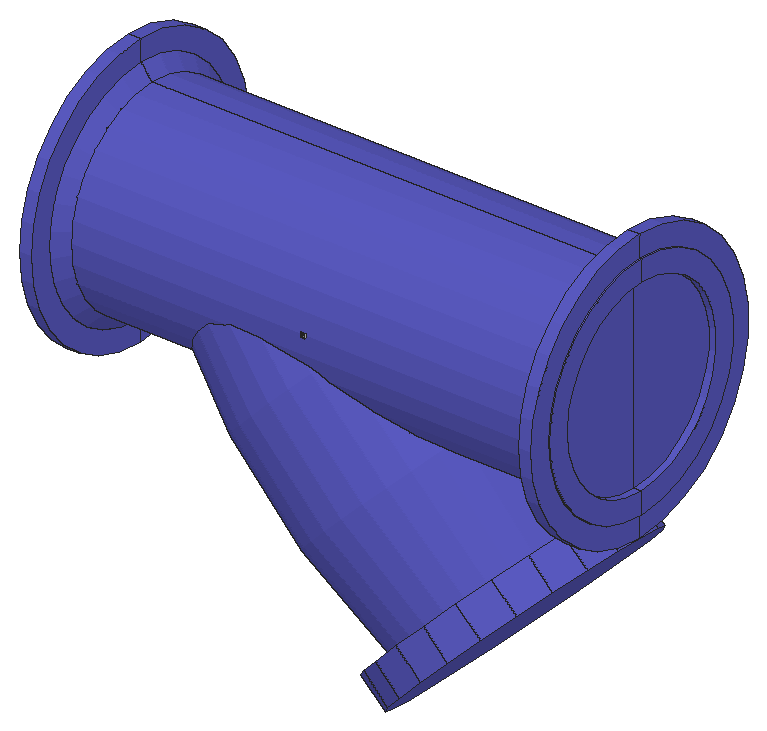
Revit family "Schmutzfänger 4111", category Rohrzubehör, Revit 2018
Family settings
  Bemaßung runder Anschluss = Durchmesser verwenden
  Teiletyp = Unterbricht
  OmniClass-Nummer = 23.65.55.14
  OmniClass-Titel = Valves for Liquid Services
  Arbeitsebenenbasiert = Nein
  Immer vertikal = Ja
  Beim Laden mit Abzugskörper schneiden = Nein
  Gemeinsam genutzt = Nein
Parameters
  PN = 1600000.0 Pa  # constant formula
  Min.Betriebstemperatur = -10 °C  # constant formula
  Max.Betriebstemperatur = 120 °C  # constant formula
  kvs [instance] = if(Nennweite = 50.000 mm, 51, if(Nennweite = 65.000 mm, 70, if(Nennweite = 80.000 mm, 114, if(Nennweite = 100.000 mm, 197, if(Nennweite = 125.000 mm, 271, if(Nennweite = 150.000 mm, 349, if(Nennweite = 200.000 mm, 449, if(Nennweite = 250.000 mm, 994, if(Nennweite = 300.000 mm, 1566, if(Nennweite = 350.000 mm, 2461, 3645))))))))))  # 3645
  Zwischenrahmen = "Edelstahl"  # constant formula
  W02 = 45.00°  # constant formula
  W01 = 140.00°  # constant formula
  Verschlussdichtung = "Kupfer"  # constant formula
  Verschluss = "St37"  # constant formula
  URL = "www.herz-armaturen.at"
  Schrauben [instance] = if(Nennweite = 50.000 mm, "4x M16x60", if(Nennweite = 65.000 mm, "4x M16x60", if(Nennweite = 80.000 mm, "8x M16x65", if(Nennweite = 100.000 mm, "8x M16x65", if(Nennweite = 125.000 mm, "8x M16x70", if(Nennweite = 150.000 mm, "8x M20x70", if(Nennweite = 200.000 mm, "12x M20x75", if(Nennweite = 250.000 mm, "12x M24x85", if(Nennweite = 300.000 mm, "12x M24x85", if(Nennweite = 350.000 mm, "16x M24x90", "16x M27x100"))))))))))  # "16x M27x100"
  SCRNSEQ = "AWI;AWI_TYP=\"1011\";2"
  SCRNCODE = "05;15;02"  # constant formula
  S01 [instance] = 2 * FLD01  # 580.000 mm
  R02 [instance] = size_lookup("4111_F_", "R2", 1.000 mm, Nennweite)  # 221.000 mm
  R01 [instance] = size_lookup("4111_F_", "R1", 1.000 mm, Nennweite)  # 250.000 mm
  Nennweite [instance] = 400.000 mm
  Medium = "Heizwasserqualität nach ÖNORM H5195 oder VDI-Standard 2035.\r\nDie Verwendung von Ethylen oder Propylenglykol im Mischungsverhältnis von 25-50% ist zulässig."
  L02 [instance] = size_lookup("4111_F_", "L2", 1.000 mm, Nennweite)  # 301.000 mm
  Hersteller = "HERZ Armaturen Ges.m.b.H."  # constant formula
  L01 [instance] = size_lookup("4111_F_", "L1", 1.000 mm, Nennweite)  # 550.000 mm
  H01 [instance] = size_lookup("4111_F_", "H1", 1.000 mm, Nennweite)  # 479.500 mm
  Gewicht [instance] = size_lookup("4111_F_", "Gew", 0, Nennweite)  # 505
  Gehäuse = "GG25"  # constant formula
  Filter (DN50-DN80) = "AISI 304, Maschenweite 600 μm"  # constant formula
  Filter (DN100-DN400) = "AISI 304, Maschenweite 1500 μm"  # constant formula
  FLL02 [instance] = size_lookup("4111_F_", "FLL2", 1.000 mm, Nennweite)  # 30.000 mm
  FLL01 [instance] = size_lookup("4111_F_", "FLL1", 1.000 mm, Nennweite)  # 4.000 mm
  FLD02 [instance] = size_lookup("4111_F_", "FLD2", 1.000 mm, Nennweite)  # 245.000 mm
  FLD01 [instance] = size_lookup("4111_F_", "FLD1", 1.000 mm, Nennweite)  # 290.000 mm
  Dichtung = "Klingerit"  # constant formula
  DN80 [instance] = Nennweite = 80.000 mm  # no
  DN65 [instance] = Nennweite = 65.000 mm  # no
  DN50 [instance] = Nennweite = 50.000 mm  # no
  DN400 [instance] = Nennweite = 400.000 mm  # yes
  DN350 [instance] = Nennweite = 350.000 mm  # no
  DN300 [instance] = Nennweite = 300.000 mm  # no
  DN250 [instance] = Nennweite = 250.000 mm  # no
  DN200 [instance] = Nennweite = 200.000 mm  # no
  DN150 [instance] = Nennweite = 150.000 mm  # no
  DN125 [instance] = Nennweite = 125.000 mm  # no
  DN100 [instance] = Nennweite = 100.000 mm  # no
  DN [instance] = Nennweite / 2  # 200.000 mm
  D01 [instance] = size_lookup("4111_F_", "D1", 1.000 mm, Nennweite)  # 216.000 mm
  Bestellnummer [instance] = size_lookup("4111_F_", "Artnr", 0, Nennweite)  # 4411190
  Aufsatz = "GG25"  # constant formula
  Anwendungen = "Für Flüssigkeiten in Warm- und Kaltwassersystemen"
Reference planes
  plane 1 "Mitte (Vorne/hinten)": y = 0
  plane 2: z = 0
  plane 3 "Mitte (Links/rechts)": x = 0
Forms (mm)
  Revolve 1, solid, material "Herz-Marineblau", detail levels fine
    sketch origin (0, 0, 0) x (1, 0, 0) y (0, 0, 1)
      loop
        line (-546, 245) -> (-550, 245) -> (-550, 200) -> (-533.79, 200) -> (-533.79, 0) -> (533.79, 0) -> (533.79, 200) -> (550, 200) -> (550, 245) -> (546, 245) -> (546, 290) -> (520, 290) -> (520, 234.5) -> (504.477, 216) -> (-495.666, 216) -> (-520, 245) -> (-520, 290) -> (-546, 290) -> (-546, 245)
      axis (-550, 0) -> (550, 0)
    angle from 0 to 360
  Revolve 2, solid, material "Herz-Marineblau", detail levels fine
    sketch origin (0, 0, 0) x (1, 0, 0) y (0, 0, 1)
      loop
        line (-230.5, 0) -> (-371.921, -141.421)
        arc (-371.921, -141.421) -> (-167.867, -415.168) -> (92.729, -635.771) r 1502.314
        line (92.729, -635.771) -> (249, -479.5) -> (-230.5, 0)
      axis (-230.5, 0) -> (249, -479.5)
    angle from 0 to 360
  Extrusion 3, solid, material "Herz-Marineblau", visible <- "DN50", detail levels fine
    sketch origin (12, 0, -74) x (0, 1, 0) y (0.707107, 0, 0.707107)
      loop
        arc (50, 40) -> (47.071, 47.071) -> (40, 50) r 10
        line (40, 50) -> (-40, 50)
        arc (-40, 50) -> (-47.071, 47.071) -> (-50, 40) r 10
        line (-50, 40) -> (-50, -40)
        arc (-50, -40) -> (-47.071, -47.071) -> (-40, -50) r 10
        line (-40, -50) -> (40, -50)
        arc (40, -50) -> (47.071, -47.071) -> (50, -40) r 10
        line (50, -40) -> (50, 40)
    from 30.5 to 0
  Extrusion 4, solid, material "Herz-Marineblau", visible <- "DN65", detail levels fine
    sketch origin (17, 0, -102.5) x (0, 1, 0) y (0.707107, 0, 0.707107)
      loop
        line (-60, 40) -> (-60, -40)
        arc (-60, -40) -> (-54.142, -54.142) -> (-40, -60) r 20
        line (-40, -60) -> (40, -60)
        arc (40, -60) -> (54.142, -54.142) -> (60, -40) r 20
        line (60, -40) -> (60, 40)
        arc (60, 40) -> (54.142, 54.142) -> (40, 60) r 20
        line (40, 60) -> (-40, 60)
        arc (-40, 60) -> (-54.142, 54.142) -> (-60, 40) r 20
    from 33 to 0
  Extrusion 5, solid, material "Herz-Marineblau", visible <- "DN80", detail levels fine
    sketch origin (44, 0, -118) x (0, 1, 0) y (0.707107, 0, 0.707107)
      loop
        line (-67, 47) -> (-67, -47)
        arc (-67, -47) -> (-61.142, -61.142) -> (-47, -67) r 20
        line (-47, -67) -> (47, -67)
        arc (47, -67) -> (61.142, -61.142) -> (67, -47) r 20
        line (67, -47) -> (67, 47)
        arc (67, 47) -> (61.142, 61.142) -> (47, 67) r 20
        line (47, 67) -> (-47, 67)
        arc (-47, 67) -> (-61.142, 61.142) -> (-67, 47) r 20
    from 34 to 0
  Extrusion 6, solid, material "Herz-Marineblau", visible <- "DN100", detail levels fine
    sketch origin (43, -449.258, -142) x (0, 1, 0) y (0.707107, 0, 0.707107)
      loop
        line (544.008, 0) -> (531.314, 47.375) -> (496.633, 82.056) -> (449.258, 94.75) -> (401.883, 82.056) -> (367.203, 47.375) -> (354.508, 0) -> (367.203, -47.375) -> (401.883, -82.056) -> (449.258, -94.75) -> (496.633, -82.056) -> (531.314, -47.375) -> (544.008, 0)
    from 35.5 to 0
  Extrusion 7, solid, material "Herz-Marineblau", visible <- "DN125", detail levels fine
    sketch origin (54, -422.813, -170) x (0, 1, 0) y (0.707107, 0, 0.707107)
      loop
        line (535.313, 0) -> (520.241, 56.25) -> (479.063, 97.428) -> (422.813, 112.5) -> (366.563, 97.428) -> (325.386, 56.25) -> (310.313, 0) -> (325.386, -56.25) -> (366.563, -97.428) -> (422.813, -112.5) -> (479.063, -97.428) -> (520.241, -56.25) -> (535.313, 0)
    from 44.5 to 0
  Extrusion 8, solid, material "Herz-Marineblau", visible <- "DN150", detail levels fine
    sketch origin (61.5, -490.074, -187.5) x (0, 1, 0) y (0.707107, 0, 0.707107)
      loop
        line (621.324, 0) -> (603.739, 65.625) -> (555.699, 113.666) -> (490.074, 131.25) -> (424.449, 113.666) -> (376.408, 65.625) -> (358.824, 0) -> (376.408, -65.625) -> (424.449, -113.666) -> (490.074, -131.25) -> (555.699, -113.666) -> (603.739, -65.625) -> (621.324, 0)
    from 44.7 to 0
  Extrusion 9, solid, material "Herz-Marineblau", visible <- "DN200", detail levels fine
    sketch origin (82, -429.19, -249) x (0, 1, 0) y (0.707107, 0, 0.707107)
      loop
        line (588.19, 0) -> (566.888, 79.5) -> (508.69, 137.698) -> (429.19, 159) -> (349.69, 137.698) -> (291.492, 79.5) -> (270.19, 0) -> (291.492, -79.5) -> (349.69, -137.698) -> (429.19, -159) -> (508.69, -137.698) -> (566.888, -79.5) -> (588.19, 0)
    from 47 to 0
  Extrusion 10, solid, material "Herz-Marineblau", visible <- "DN250", detail levels fine
    sketch origin (109.5, -496.545, -300) x (0, 1, 0) y (0.707107, 0, 0.707107)
      loop
        line (686.545, 0) -> (680.071, 49.176) -> (661.09, 95) -> (630.895, 134.35) -> (591.545, 164.545) -> (545.72, 183.526) -> (496.545, 190) -> (447.369, 183.526) -> (401.545, 164.545) -> (362.194, 134.35) -> (332, 95) -> (313.019, 49.176) -> (306.545, 0) -> (313.019, -49.176) -> (332, -95) -> (362.194, -134.35) -> (401.545, -164.545) -> (447.369, -183.526) -> (496.545, -190) -> (545.72, -183.526) -> (591.545, -164.545) -> (630.895, -134.35) -> (661.09, -95) -> (680.071, -49.176) -> (686.545, 0)
    from 56.5 to 0
  Extrusion 11, solid, material "Herz-Marineblau", visible <- "DN300", detail levels fine
    sketch origin (82, 617.078, -333) x (0, 1, 0) y (0.707107, 0, 0.707107)
      loop
        line (-390.078, 0) -> (-397.813, 58.752) -> (-420.49, 113.5) -> (-456.565, 160.513) -> (-503.578, 196.588) -> (-558.326, 219.265) -> (-617.078, 227) -> (-675.83, 219.265) -> (-730.578, 196.588) -> (-777.591, 160.513) -> (-813.666, 113.5) -> (-836.343, 58.752) -> (-844.078, 0) -> (-836.343, -58.752) -> (-813.666, -113.5) -> (-777.591, -160.513) -> (-730.578, -196.588) -> (-675.83, -219.265) -> (-617.078, -227) -> (-558.326, -219.265) -> (-503.578, -196.588) -> (-456.565, -160.513) -> (-420.49, -113.5) -> (-397.813, -58.752) -> (-390.078, 0)
    from 61 to 0
  Extrusion 12, solid, material "Herz-Marineblau", visible <- "DN350", detail levels fine
    sketch origin (211, 802.601, -476) x (0, 1, 0) y (0.707107, 0, 0.707107)
      loop
        line (-547.601, 0) -> (-556.29, 65.999) -> (-581.764, 127.5) -> (-622.288, 180.312) -> (-675.101, 220.836) -> (-736.602, 246.311) -> (-802.601, 255) -> (-868.6, 246.311) -> (-930.101, 220.836) -> (-982.913, 180.312) -> (-1023.437, 127.5) -> (-1048.912, 65.999) -> (-1057.601, 0) -> (-1048.912, -65.999) -> (-1023.437, -127.5) -> (-982.913, -180.312) -> (-930.101, -220.836) -> (-868.6, -246.311) -> (-802.601, -255) -> (-736.602, -246.311) -> (-675.101, -220.836) -> (-622.288, -180.312) -> (-581.764, -127.5) -> (-556.29, -65.999) -> (-547.601, 0)
    from 73 to 0
  Extrusion 13, solid, material "Herz-Marineblau", visible <- "DN400", detail levels fine
    sketch origin (249, 812.573, -479.5) x (0, 1, 0) y (0.707107, 0, 0.707107)
      loop
        line (-532.573, 0) -> (-542.114, 72.469) -> (-570.086, 140) -> (-614.583, 197.99) -> (-672.573, 242.487) -> (-740.104, 270.459) -> (-812.573, 280) -> (-885.042, 270.459) -> (-952.573, 242.487) -> (-1010.563, 197.99) -> (-1055.06, 140) -> (-1083.032, 72.469) -> (-1092.573, 0) -> (-1083.032, -72.469) -> (-1055.06, -140) -> (-1010.563, -197.99) -> (-952.573, -242.487) -> (-885.042, -270.459) -> (-812.573, -280) -> (-740.104, -270.459) -> (-672.573, -242.487) -> (-614.583, -197.99) -> (-570.086, -140) -> (-542.114, -72.469) -> (-532.573, 0)
    from 74 to 0
Lines and regions (mm)
  model lines, detail levels coarse+medium
    curve 1: line (-550, 0, 290) -> (550, 0, 290)
    curve 2: line (-550, 0, -290) -> (-550, 0, 290)
    curve 3: line (550, 0, -290) -> (-550, 0, -290)
    curve 4: line (550, 0, 290) -> (550, 0, -290)
    curve 5: line (550, 0, -290) -> (-550, 0, 290)
    curve 6: line (-550, 290, 0) -> (550, 290, 0)
    curve 7: line (-550, -290, 0) -> (-550, 290, 0)
    curve 8: line (550, -290, 0) -> (-550, -290, 0)
    curve 9: line (550, 290, 0) -> (550, -290, 0)
    curve 10: line (550, -290, 0) -> (-550, 290, 0)
Dimensions and locks
  "FLD01": Revolve 1 sketch curve to plane 2  (x2)
  "FLD02": Revolve 1 sketch curve to plane 2  (x3)
  "DN": Revolve 1 sketch curve to plane 2  (x2)
  "L01": Revolve 1 sketch curve to plane 3 "Mitte (Links/rechts)"  (x2)
  "FLL01": Revolve 1 sketch curve to Revolve 1 sketch curve  (x2)
  "FLL02": Revolve 1 sketch curve to Revolve 1 sketch curve  (x2)
  "D01": Revolve 1 sketch curve to plane 2  (x2)
  "H01": plane 2 to Revolve 2 sketch curve
  "L02": Revolve 2 sketch curve to Revolve 1
  "R02": Revolve 2 sketch curve to Revolve 2 sketch curve
  "DN": Revolve 2 sketch curve to Revolve 2 sketch curve
  "D01": nested 1 to plane 1 "Mitte (Vorne/hinten)"
  "L01": plane 3 "Mitte (Links/rechts)" to curve 2
  "L01": plane 3 "Mitte (Links/rechts)" to curve 4
  equal spacing: curve 5, plane 2, curve 3
  "S01": curve 1 to curve 3
  equal spacing: curve 8, plane 1 "Mitte (Vorne/hinten)", curve 6
  "S01": curve 8 to curve 6
  "L01": curve 7 to plane 3 "Mitte (Links/rechts)"
  "L01": plane 3 "Mitte (Links/rechts)" to curve 9
  "R01": Revolve 2 sketch curve to Revolve 2 sketch curve
  "W01": angle Revolve 1 sketch curve to Revolve 1 sketch curve  (x2)
  "W02": angle Revolve 2 sketch curve to plane 2
  aligned and locked: level to plane 2
Automatic sketch dimensions
  plane 1 "Mitte (Vorne/hinten)" to Extrusion 3 sketch curve = 50.000 mm
  Extrusion 3 sketch curve to Extrusion 3 sketch curve = 10.000 mm  (x3)
  Extrusion 3 sketch curve to plane 1 "Mitte (Vorne/hinten)" = 40.000 mm  (x2)
  Extrusion 3 sketch curve to Extrusion 3 sketch curve = 80.000 mm
  plane 1 "Mitte (Vorne/hinten)" to Extrusion 4 sketch curve = 60.000 mm
  Extrusion 4 sketch curve to Extrusion 4 sketch curve = 20.000 mm  (x3)
  Extrusion 4 sketch curve to plane 1 "Mitte (Vorne/hinten)" = 40.000 mm  (x2)
  Extrusion 4 sketch curve to Extrusion 4 sketch curve = 80.000 mm
  plane 1 "Mitte (Vorne/hinten)" to Extrusion 5 sketch curve = 67.000 mm
  Extrusion 5 sketch curve to Extrusion 5 sketch curve = 20.000 mm  (x3)
  Extrusion 5 sketch curve to plane 1 "Mitte (Vorne/hinten)" = 47.000 mm  (x2)
  Extrusion 5 sketch curve to Extrusion 5 sketch curve = 94.000 mm
  Extrusion 6 sketch curve to plane 1 "Mitte (Vorne/hinten)" = 0.000 mm  (x2)
  plane 1 "Mitte (Vorne/hinten)" to Extrusion 6 sketch curve = 47.375 mm  (x2)
  Extrusion 6 sketch curve to Extrusion 6 sketch curve = 34.681 mm  (x8)
  Extrusion 6 sketch curve to Extrusion 6 sketch curve = 12.694 mm  (x5)
  Extrusion 6 sketch curve to plane 1 "Mitte (Vorne/hinten)" = 47.375 mm  (x2)
  Extrusion 6 sketch curve to Extrusion 6 sketch curve = 47.375 mm  (x4)
  Extrusion 7 sketch curve to plane 1 "Mitte (Vorne/hinten)" = 0.000 mm  (x2)
  plane 1 "Mitte (Vorne/hinten)" to Extrusion 7 sketch curve = 56.250 mm  (x2)
  Extrusion 7 sketch curve to Extrusion 7 sketch curve = 41.178 mm  (x8)
  Extrusion 7 sketch curve to Extrusion 7 sketch curve = 15.072 mm  (x5)
  Extrusion 7 sketch curve to plane 1 "Mitte (Vorne/hinten)" = 56.250 mm  (x2)
  Extrusion 7 sketch curve to Extrusion 7 sketch curve = 56.250 mm  (x4)
  Extrusion 8 sketch curve to plane 1 "Mitte (Vorne/hinten)" = 0.000 mm  (x2)
  plane 1 "Mitte (Vorne/hinten)" to Extrusion 8 sketch curve = 65.625 mm  (x2)
  Extrusion 8 sketch curve to Extrusion 8 sketch curve = 48.041 mm  (x8)
  Extrusion 8 sketch curve to Extrusion 8 sketch curve = 17.584 mm  (x5)
  Extrusion 8 sketch curve to plane 1 "Mitte (Vorne/hinten)" = 65.625 mm  (x2)
  Extrusion 8 sketch curve to Extrusion 8 sketch curve = 65.625 mm  (x4)
  Extrusion 9 sketch curve to plane 1 "Mitte (Vorne/hinten)" = 0.000 mm  (x2)
  plane 1 "Mitte (Vorne/hinten)" to Extrusion 9 sketch curve = 79.500 mm  (x2)
  Extrusion 9 sketch curve to Extrusion 9 sketch curve = 58.198 mm  (x8)
  Extrusion 9 sketch curve to Extrusion 9 sketch curve = 21.302 mm  (x5)
  Extrusion 9 sketch curve to plane 1 "Mitte (Vorne/hinten)" = 79.500 mm  (x2)
  Extrusion 9 sketch curve to Extrusion 9 sketch curve = 79.500 mm  (x4)
  Extrusion 10 sketch curve to plane 1 "Mitte (Vorne/hinten)" = 0.000 mm  (x2)
  plane 1 "Mitte (Vorne/hinten)" to Extrusion 10 sketch curve = 49.176 mm  (x2)
  Extrusion 10 sketch curve to Extrusion 10 sketch curve = 45.824 mm  (x8)
  Extrusion 10 sketch curve to Extrusion 10 sketch curve = 39.350 mm  (x8)
  Extrusion 10 sketch curve to Extrusion 10 sketch curve = 30.195 mm  (x8)
  Extrusion 10 sketch curve to Extrusion 10 sketch curve = 18.981 mm  (x8)
  Extrusion 10 sketch curve to Extrusion 10 sketch curve = 6.474 mm  (x5)
  Extrusion 10 sketch curve to plane 1 "Mitte (Vorne/hinten)" = 49.176 mm  (x2)
  Extrusion 10 sketch curve to Extrusion 10 sketch curve = 49.176 mm  (x4)
  Extrusion 11 sketch curve to plane 1 "Mitte (Vorne/hinten)" = 0.000 mm  (x2)
  plane 1 "Mitte (Vorne/hinten)" to Extrusion 11 sketch curve = 58.752 mm  (x2)
  Extrusion 11 sketch curve to Extrusion 11 sketch curve = 54.748 mm  (x8)
  Extrusion 11 sketch curve to Extrusion 11 sketch curve = 47.013 mm  (x8)
  Extrusion 11 sketch curve to Extrusion 11 sketch curve = 36.075 mm  (x8)
  Extrusion 11 sketch curve to Extrusion 11 sketch curve = 22.677 mm  (x8)
  Extrusion 11 sketch curve to Extrusion 11 sketch curve = 7.735 mm  (x5)
  Extrusion 11 sketch curve to plane 1 "Mitte (Vorne/hinten)" = 58.752 mm  (x2)
  Extrusion 11 sketch curve to Extrusion 11 sketch curve = 58.752 mm  (x4)
  Extrusion 12 sketch curve to plane 1 "Mitte (Vorne/hinten)" = 0.000 mm  (x2)
  plane 1 "Mitte (Vorne/hinten)" to Extrusion 12 sketch curve = 65.999 mm  (x2)
  Extrusion 12 sketch curve to Extrusion 12 sketch curve = 61.501 mm  (x8)
  Extrusion 12 sketch curve to Extrusion 12 sketch curve = 52.812 mm  (x8)
  Extrusion 12 sketch curve to Extrusion 12 sketch curve = 40.524 mm  (x8)
  Extrusion 12 sketch curve to Extrusion 12 sketch curve = 25.475 mm  (x8)
  Extrusion 12 sketch curve to Extrusion 12 sketch curve = 8.689 mm  (x5)
  Extrusion 12 sketch curve to plane 1 "Mitte (Vorne/hinten)" = 65.999 mm  (x2)
  Extrusion 12 sketch curve to Extrusion 12 sketch curve = 65.999 mm  (x4)
  Extrusion 13 sketch curve to plane 1 "Mitte (Vorne/hinten)" = 0.000 mm  (x2)
  plane 1 "Mitte (Vorne/hinten)" to Extrusion 13 sketch curve = 72.469 mm  (x2)
  Extrusion 13 sketch curve to Extrusion 13 sketch curve = 67.531 mm  (x8)
  Extrusion 13 sketch curve to Extrusion 13 sketch curve = 57.990 mm  (x8)
  Extrusion 13 sketch curve to Extrusion 13 sketch curve = 44.497 mm  (x8)
  Extrusion 13 sketch curve to Extrusion 13 sketch curve = 27.972 mm  (x8)
  Extrusion 13 sketch curve to Extrusion 13 sketch curve = 9.541 mm  (x5)
  Extrusion 13 sketch curve to plane 1 "Mitte (Vorne/hinten)" = 72.469 mm  (x2)
  Extrusion 13 sketch curve to Extrusion 13 sketch curve = 72.469 mm  (x4)
  Revolve 1 sketch curve to level = 0.000 mm  (x2)
  Revolve 1 sketch curve to Revolve 1 sketch curve = 16.210 mm  (x2)
  Revolve 1 sketch curve to Revolve 1 sketch curve = 15.523 mm
  Revolve 1 sketch curve to Revolve 1 sketch curve = 1391.530 mm
  Revolve 1 sketch curve to Revolve 1 sketch curve = 1724.148 mm
  Revolve 2 sketch curve to level = 0.000 mm  (x2)
  Revolve 2 sketch curve to Revolve 2 sketch curve = 0.000 mm  (x3)
Nested families
  nested 1: "Herz-Logo-vorne" at (0, -216, 0) x (0, -1, 0) z (0, 0, 1), type "Herz-Logo-vorne", detail levels fine
Connectors
  piping at (-550, 0, 0), diameter 400, driven by "Nennweite"
    settings: on Revolve 1, index 1, connector inside diameter 609.6 mm, connector length 0.000 mm, flow factor 0, pipe flow 0.0 L/s, pressure drop 0.0 Pa, fitting loss kfactor 0, connector angle 0.00°, fixture units 0, engagement length 0.000 mm, angle of deflection 0.00°, flow configuration 0, flow direction 1, fitting loss method 0, system type 29, joint type 0, gender type 0, connector reference index -1, connector utility 0, adjustable connector no, is connector primary yes, connector description ""
  piping at (550, 0, 0), diameter 400, driven by "Nennweite"
    settings: on Revolve 1, index 2, connector inside diameter 609.6 mm, connector length 0.000 mm, flow factor 0, pipe flow 0.0 L/s, pressure drop 0.0 Pa, fitting loss kfactor 0, connector angle 0.00°, fixture units 0, engagement length 0.000 mm, angle of deflection 0.00°, flow configuration 0, flow direction 2, fitting loss method 0, system type 29, joint type 0, gender type 0, connector reference index -1, connector utility 0, adjustable connector no, is connector primary no, connector description ""
Definition of nested family "Herz-Logo-vorne"
  Reference planes
    plane 1 "Mitte (Vorne/hinten)": y = 0
    plane 2: z = 0
    plane 3 "Mitte (Links/rechts)": x = 0
  Forms (mm)
    Extrusion 1, solid
      sketch origin (0.732, -0.018, 0.017) x (0, -1, 0) y (0, 0, 1)
        loop
          line (-0.018, -4.517) -> (4.482, -4.517) -> (4.482, 4.483) -> (-4.518, 4.483) -> (-4.518, -4.517) -> (-0.018, -4.517)
        loop
          line (-0.05, -3.48) -> (3.482, -3.48) -> (3.482, 3.483) -> (-3.518, 3.483) -> (-3.518, -3.48) -> (-0.05, -3.48)
        loop
          arc (-0.018, 2.383) -> (-1.543, 3.287) -> (-3.067, 2.383) r 1.738
          arc (-3.067, 2.383) -> (-3.191, 1.899) -> (-3.067, 1.415) r 1.009
          line (-3.067, 1.415) -> (-0.018, -3.281) -> (3.032, 1.415)
          arc (3.032, 1.415) -> (3.156, 1.899) -> (3.032, 2.383) r 1.009
          arc (3.032, 2.383) -> (1.507, 3.287) -> (-0.018, 2.383) r 1.738
        loop
          arc (1.885, 1.272) -> (2.005, 1.675) -> (1.885, 2.079) r 0.74
          arc (1.885, 2.079) -> (1.265, 2.416) -> (0.644, 2.079) r 0.74
          line (0.644, 2.079) -> (-0.018, 0.97) -> (-0.679, 2.079)
          arc (-0.679, 2.079) -> (-1.3, 2.416) -> (-1.921, 2.079) r 0.74
          arc (-1.921, 2.079) -> (-2.04, 1.675) -> (-1.921, 1.272) r 0.74
          line (-1.921, 1.272) -> (-0.018, -1.658) -> (1.885, 1.272)
      from 0 to 1.5
  Dimensions and locks
    aligned and locked: level to plane 2
